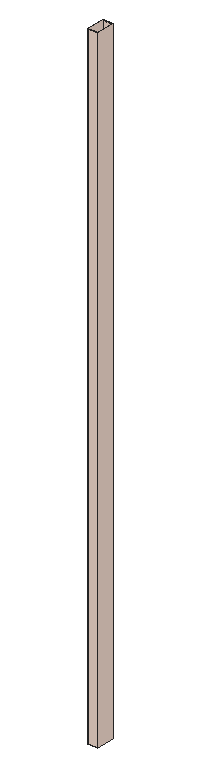
Revit family "sq4590", category 機械設備, Revit 2022
Family settings
  丸型コネクタ寸法 = 直径を使用
  種別 = なし
  パーツ タイプ = 標準
  作業面ベース = いいえ
  常に垂直 = はい
  ロード時にボイドで切り取り = いいえ
  注釈の向きを維持 = いいえ
  共有 = いいえ
  部屋計算ポイント = いいえ
Parameters
  製造元 = "株式会社桐井製作所"
  既定の高さ = 0 mm
  URL = "https://www.kirii.co.jp/"
  K_長さ(mm) [instance] = 3000 mm
  K_材質 = "SGCC　一般用"
  K_断面積A(mm2) = 124
  K_断面係数Zy(mm3) = 2029
  K_断面係数Zx(mm3) = 2880
  K_断面2次半径iy(mm) = 19.7
  K_断面2次半径ix(mm) = 32.3
  K_断面2次モーメントIy(mm4) = 47990
  K_断面2次モーメントIx(mm4) = 129600
  K_外形寸法(mm) = "□45×90"
  K_品名 = "SQ-BAR4590"
  K_名称 = "角型スタッド"
  K_単位質量(kg/m) = 1.009
  K_ヤング係数E(N/mm2) = 205000
  K_バージョン情報 = "20210524"
  K_めっき付着量 = "Z08"
  K_JIS規格 = "JIS G 3302"
Reference planes
  plane 1 "中心(正面/背面)": y = 0
  plane 2: z = 0
  plane 3 "中心(左/右)": x = 0
  plane 4: x = 22.5
  plane 5: x = -22.5
  plane 6: y = 45
  plane 7: z = 3000
  plane 8: y = -45
Forms (mm)
  Extrusion 1, solid
    sketch origin (0.5, -20, 0) x (1, 0, 0) y (0, 1, 0)
      loop
        line (-23, 65) -> (-23, -25) -> (22, -25) -> (22, 65) -> (-23, 65)
      loop
        line (-22.5, 64.5) -> (-22.5, -24.5) -> (21.5, -24.5) -> (21.5, 64.5) -> (-22.5, 64.5)
    from 0 to 3000
Dimensions and locks
  locked: Extrusion 1 sketch curve to Extrusion 1 sketch curve at 0.5  (x4)
  "K_長さ(mm)": plane 7 to level
  aligned and locked: level to plane 2
  aligned and locked: Extrusion 1 sketch curve to plane 6
  aligned and locked: plane 7 to Extrusion 1
  aligned and locked: plane 6 to Extrusion 1
  aligned and locked: Extrusion 1 to plane 8
  aligned and locked: Extrusion 1 to plane 5
  aligned and locked: plane 4 to Extrusion 1
Automatic sketch dimensions
  Extrusion 1 sketch curve to plane 4 = 0.5 mm
  plane 5 to Extrusion 1 sketch curve = 0.5 mm
  plane 1 "中心(正面/背面)" to Extrusion 1 sketch curve = 44.5 mm
